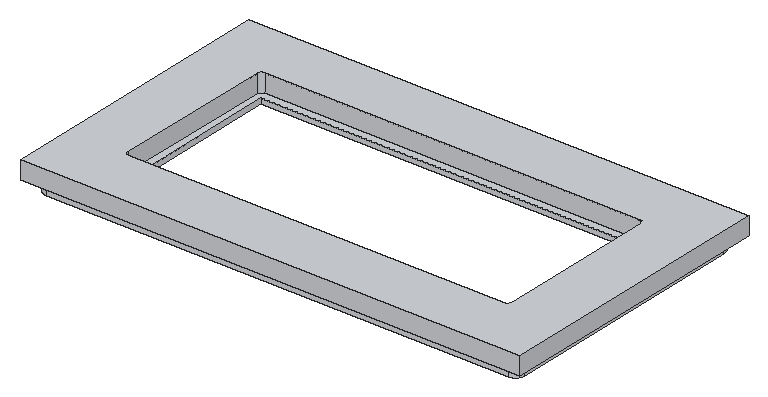
Revit family "Gira_1002122", category Electrical Fixtures, host Face, Revit 2017
Family settings
  Host = Face
  Maintain Annotation Orientation = No
  Round Connector Dimension = Use Diameter
  Part Type = Normal
  Cut with Voids When Loaded = No
  Shared = No
  Room Calculation Point = No
Parameters (values of type "Abdeckrahmen 2f o.M. Gira Esprit G Umbra")
  Werkstoffgüte = "Echtglas"
  Werkstoff = "Glas"
  URL = "http://katalog.gira.de/de_DE/datenblatt.html?artikelnr=1002122"
  Transparent = "No"
  Textfeld/Beschriftungsfläche = "No"
  Schutzart (IP) = "IP20"
  Region = "DE"
  Oberfläche = "sonstige"
  Name = "Abdeckrahmen 2f o.M. Gira Esprit G Umbra"
  Montagerichtung = "horizontal und vertikal"
  Mit Montagerahmen = "No"
  Mit Klappdeckel = "No"
  Manufacturer URL = "https://www.gira.de/"
  Keynote = "Espr._Rahmen_2fach o.Mittelsteg"
  HeinzeBIM = "https://bimportal.heinze.de/bim/abdeckrahmen-2f-o-m-gira-esprit-g-umbra/9b70d2c8b71f9a9baf8c70b608f5ac09b87813af"
  Halogenfrei = "Yes"
  HAN = "1002122"
  Geeignet für Unterputz-Installation = "Yes"
  Geeignet für Unterflurkanaldose = "No"
  Geeignet für Geräteeinbaukanal = "No"
  Geeignet für Einbauinstallation = "No"
  GTIN = "4010337076384"
  Farbe = "sonstige"
  Default Elevation = 1219.2 mm
  Data sheet (1) = "https://katalog.gira.de/de_DE/download.html?artikelnr=1002122"
  Category = "Abdeckrahmen"
  Befestigungsart = "Klemmbefestigung"
  Available = "Yes"
  Anzahl der Einheiten vertikal = "2 "
  Anzahl der Einheiten horizontal = "2 "
  Anzahl der Einheiten = "2 "
Reference planes
  plane 1 "Center (Front/Back)": y = 0
  plane 2: z = 0
  plane 3 "Center (Left/Right)": x = 0
Forms (mm)
  Extrusion 1, solid, detail levels fine
    sketch origin (0, 0, 0) x (1, 0, 0) y (0, 1, 0)
      loop
        line (-83, 47.5) -> (-83, -47.5) -> (83, -47.5) -> (83, 47.5) -> (-83, 47.5)
      loop
        arc (-63.75, -26.7) -> (-63.311, -27.761) -> (-62.25, -28.2) r 1.5
        line (-62.25, -28.2) -> (62.25, -28.2)
        arc (62.25, -28.2) -> (63.311, -27.761) -> (63.75, -26.7) r 1.5
        line (63.75, -26.7) -> (63.75, 26.7)
        arc (63.75, 26.7) -> (63.311, 27.761) -> (62.25, 28.2) r 1.5
        line (62.25, 28.2) -> (-62.25, 28.2)
        arc (-62.25, 28.2) -> (-63.311, 27.761) -> (-63.75, 26.7) r 1.5
        line (-63.75, 26.7) -> (-63.75, -26.7)
    from 0 to 6
  Extrusion 2, solid, detail levels fine
    sketch origin (0, 0, 0) x (1, 0, 0) y (0, 1, 0)
      loop
        line (-61.518, -25.7) -> (61.45, -25.7) -> (61.45, 25.7) -> (-61.518, 25.7) -> (-61.518, -25.7)
      loop
        arc (-78.55, -41.3) -> (-78.023, -42.573) -> (-76.75, -43.1) r 1.8
        line (-76.75, -43.1) -> (77.95, -43.1)
        arc (77.95, -43.1) -> (79.223, -42.573) -> (79.75, -41.3) r 1.8
        line (79.75, -41.3) -> (79.75, 41.3)
        arc (79.75, 41.3) -> (79.223, 42.573) -> (77.95, 43.1) r 1.8
        line (77.95, 43.1) -> (-76.75, 43.1)
        arc (-76.75, 43.1) -> (-78.023, 42.573) -> (-78.55, 41.3) r 1.8
        line (-78.55, 41.3) -> (-78.55, -41.3)
    from -1.9 to 0
  Extrusion 3, solid, detail levels fine
    sketch origin (0, 0, 0) x (1, 0, 0) y (0, 1, 0)
      loop
        arc (-76.75, 44.4) -> (-78.871, 43.521) -> (-79.75, 41.4) r 3
        line (-79.75, 41.4) -> (-79.75, -41.4)
        arc (-79.75, -41.4) -> (-78.871, -43.521) -> (-76.75, -44.4) r 3
        line (-76.75, -44.4) -> (76.75, -44.4)
        arc (76.75, -44.4) -> (78.871, -43.521) -> (79.75, -41.4) r 3
        line (79.75, -41.4) -> (79.75, 41.4)
        arc (79.75, 41.4) -> (78.871, 43.521) -> (76.75, 44.4) r 3
        line (76.75, 44.4) -> (-76.75, 44.4)
      loop
        arc (-78.55, -41.4) -> (-78.023, -42.673) -> (-76.75, -43.2) r 1.8
        line (-76.75, -43.2) -> (76.75, -43.2)
        arc (76.75, -43.2) -> (78.023, -42.673) -> (78.55, -41.4) r 1.8
        line (78.55, -41.4) -> (78.55, 41.4)
        arc (78.55, 41.4) -> (78.023, 42.673) -> (76.75, 43.2) r 1.8
        line (76.75, 43.2) -> (-76.75, 43.2)
        arc (-76.75, 43.2) -> (-78.023, 42.673) -> (-78.55, 41.4) r 1.8
        line (-78.55, 41.4) -> (-78.55, -41.4)
    from -3.7 to 0
  Extrusion 4, solid, detail levels medium
    sketch origin (0, 0, 0) x (1, 0, 0) y (0, 1, 0)
      loop
        line (-83, 47.5) -> (-83, -47.5) -> (83, -47.5) -> (83, 47.5) -> (-83, 47.5)
    from 0 to 6
  Extrusion 5, solid, detail levels medium
    sketch origin (0, 0, 0) x (1, 0, 0) y (0, 1, 0)
      loop
        line (-79.75, 44.4) -> (-79.75, -44.4) -> (79.75, -44.4) -> (79.75, 44.4) -> (-79.75, 44.4)
    from -3.7 to 0
  Extrusion 6, solid, detail levels coarse
    sketch origin (0, 0, 0) x (1, 0, 0) y (0, 1, 0)
      loop
        line (-83, 47.5) -> (-83, -47.5) -> (83, -47.5) -> (83, 47.5) -> (-83, 47.5)
    from -3.7 to 6
Dimensions and locks
  aligned and locked: plane 2 to host face
  aligned and locked: level to host face
